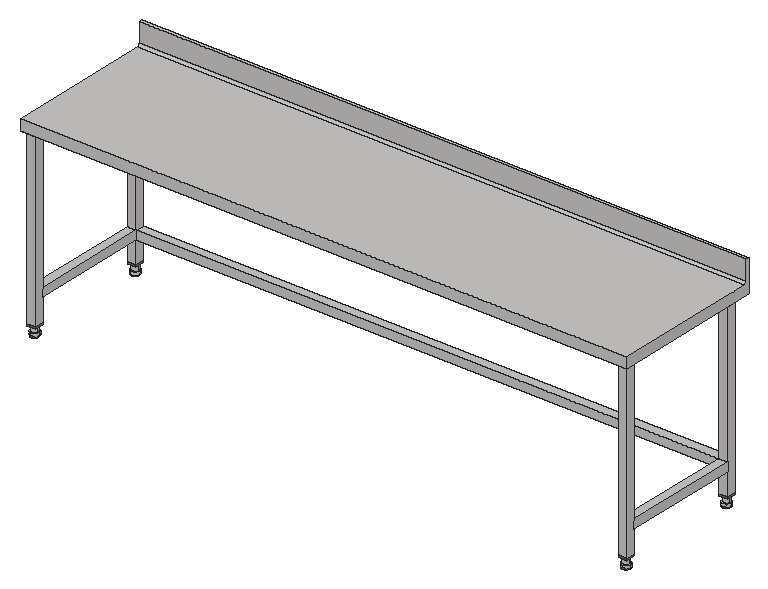
Revit family "QF_ZANUSSI_133240_TG2800UN", category Attrezzature speciali, Revit 2020
Family settings
  Quota connettore circolare = Usa diametro
  Tipo di parte = Normale
  Basato su piano di lavoro = No
  Sempre verticale = Sì
  Taglio con vuoti quando caricato = No
  Condiviso = No
  Punto di calcolo locali = No
Parameters (values of type "Standard")
  Weight = 98.00 kg
  Watts = 0 W
  Volts = 0 V
  URL Manufacturer = "http://www.zanussiprofessional.com"
  URL = "http://www.zanussiprofessional.com"
  Steam Supply Size = 0 mm
  Steam Supply Minimum Pressure = 0.0 Pa
  Steam Supply Maximum Pressure = 0.0 Pa
  Steam Consumption per Hour = 0
  Refrigeration Suction Line Size = 0.0 mm
  Refrigeration Liquid Line Size = 0.0 mm
  Refrigerant Compressor Remote = yes
  Prospetto di default = 0.0 mm
  Produttore = "Zanussi"
  Phase = 0
  Modello = "TG2800UN"
  Length Actual = 2800.0 mm  # constant formula
  Item Number = "133240"
  Hot Water Size = 0 mm
  Height Actual = 1000.0 mm  # constant formula
  HP = "0 HP"
  Gas Size = 0 mm
  Gas KW = 0
  Gas Input Pressure = 0 W
  Direct Waste Size = 0 mm
  Descrizione = "WORK TABLE WITH UPSTAND 2800 MM+UNDERFRAME"
  Depth Actual = 700.0 mm  # constant formula
  Cycle = 0 Hz
  Condensate Return Size = 0 mm
  Compressed Air Volume = 0.0 L/s
  Compressed Air Size = 0 mm
  Compressed Air Pressure = 0.0 Pa
  Cold Water Size = 0 mm
  Accessory = yes
Reference planes
  plane 1 "Center (Front/Back)": y = 0
  plane 2: z = 0
  plane 3 "Center (Left/Right)": x = -900
  plane 4 "LEFT": x = -2300
  plane 5 "RIGHT": x = 500
  plane 6 "BACK": y = 350
  plane 7 "FRONT": y = -350
  plane 8 "Base": z = 850
  plane 9 "TOP": z = 900
  plane 10: x = -2264.5
  plane 11: x = 464.5
  plane 12: y = 269.5
  plane 13: y = -310.5
Forms (mm)
  Extrusion 1, solid, material "QF_Finishes_Stainless Steel"
    sketch origin (-900, 0, 0) x (0, 1, 0) y (0, 0, 1)
      loop
        line (-350, 850) -> (350, 850) -> (350, 1000) -> (337, 1000) -> (337, 910)
        arc (337, 910) -> (334.071, 902.929) -> (327, 900) r 10
        line (327, 900) -> (-350, 900) -> (-350, 850)
    from 1400 to -1400
  Extrusion 2, solid, material "QF_Finishes_Stainless Steel"
    sketch origin (-900, 0, 0) x (0, 1, 0) y (0, 0, 1)
      loop
        line (249.5, 195) -> (249.5, 155) -> (289.5, 155) -> (289.5, 195) -> (249.5, 195)
    from 1344.5 to -1344.5
  Extrusion 3, solid, material "QF_Finishes_Stainless Steel"
    sketch origin (0, 0, 0) x (1, 0, 0) y (0, 0, 1)
      loop
        line (-2244.5, 195) -> (-2284.5, 195) -> (-2284.5, 155) -> (-2244.5, 155) -> (-2244.5, 195)
      loop
        line (484.5, 195) -> (444.5, 195) -> (444.5, 155) -> (484.5, 155) -> (484.5, 195)
    from 290.5 to -249.5
Lines and regions (mm)
  symbolic lines
    curve 1: line (500, 350, 900) -> (-2300, 350, 900)
    curve 2: line (-2300, 350, 900) -> (-2300, -350, 900)
    curve 3: line (-2300, -350, 900) -> (500, -350, 900)
    curve 4: line (500, -350, 900) -> (500, 350, 900)
    curve 5: line (500, 337, 900) -> (-2300, 337, 900)
Dimensions and locks
  plane 4 "LEFT" to plane 5 "RIGHT" = 2800.0 mm
  equal spacing: plane 4 "LEFT", plane 3 "Center (Left/Right)", plane 5 "RIGHT"
  locked: plane 8 "Base" to level at 850
  plane 4 "LEFT" to plane 10 = 35.5 mm
  plane 11 to plane 5 "RIGHT" = 35.5 mm
  plane 10 to plane 11 = 2729.0 mm
  locked: Extrusion 1 to level at 1000
  plane 9 "TOP" to level = 900.0 mm
  plane 6 "BACK" to plane 12 = 80.5 mm
  plane 13 to plane 7 "FRONT" = 39.5 mm
  plane 6 "BACK" to plane 7 "FRONT" = 700.0 mm
  plane 12 to plane 13 = 580.0 mm
  equal spacing: plane 6 "BACK", plane 1 "Center (Front/Back)", plane 7 "FRONT"
  aligned and locked: level to plane 2
  aligned and locked: plane 11 to nested 2
  aligned and locked: nested 2 to plane 12
  aligned and locked: plane 10 to nested 1
  aligned and locked: nested 1 to plane 12
  aligned and locked: Extrusion 1 to plane 4 "LEFT"
  aligned and locked: plane 5 "RIGHT" to Extrusion 1
  aligned and locked: curve 2 to plane 4 "LEFT"
  aligned and locked: Extrusion 3 to nested 1
  aligned and locked: nested 4 to nested 3
  aligned and locked: plane 10 to nested 4
Automatic sketch dimensions
  curve 3 to plane 7 "FRONT" = 0.0 mm
  curve 5 to plane 5 "RIGHT" = 0.0 mm
  curve 4 to plane 6 "BACK" = 0.0 mm
  curve 5 to plane 6 "BACK" = 13.0 mm
  Extrusion 1 sketch curve to plane 7 "FRONT" = 0.0 mm
  Extrusion 1 sketch curve to plane 9 "TOP" = 0.0 mm
  Extrusion 1 sketch curve to plane 6 "BACK" = 0.0 mm
  Extrusion 1 sketch curve to plane 8 "Base" = 0.0 mm
  plane 9 "TOP" to Extrusion 1 sketch curve = 10.0 mm
  Extrusion 1 sketch curve to plane 6 "BACK" = 23.0 mm
  Extrusion 1 sketch curve to Extrusion 1 sketch curve = 90.0 mm
  Extrusion 2 sketch curve to plane 12 = 20.0 mm
  plane 12 to Extrusion 2 sketch curve = 20.0 mm
  level to Extrusion 2 sketch curve = 155.0 mm
  Extrusion 2 sketch curve to Extrusion 2 sketch curve = 40.0 mm
  plane 4 "LEFT" to Extrusion 3 sketch curve = 15.5 mm
  plane 10 to Extrusion 3 sketch curve = 20.0 mm
  Extrusion 3 sketch curve to plane 11 = 20.0 mm
  Extrusion 3 sketch curve to plane 5 "RIGHT" = 15.5 mm
  level to Extrusion 3 sketch curve = 155.0 mm  (x2)
  Extrusion 3 sketch curve to Extrusion 3 sketch curve = 40.0 mm  (x2)
Nested families
  nested 1: "FEET_40x40_APP42" at (-2264.5, 269.5, 0), type "FEET_40x40_APP42"
  nested 2: "FEET_40x40_APP42" at (464.5, 269.5, 0), type "FEET_40x40_APP42"
  nested 3: "FEET_40x40_APP42" at (464.5, -310.5, 0), type "FEET_40x40_APP42"
  nested 4: "FEET_40x40_APP42" at (-2264.5, -310.5, 0), type "FEET_40x40_APP42"
Definition of nested family "FEET_40x40_APP42"
  Parameters
    Default Elevation = 0.0 mm
    FEET = 850.0 mm
  Reference planes
    plane 1 "Center (Front/Back)": y = 0
    plane 2: z = 0
    plane 3 "Center (Left/Right)": x = 0
    plane 4: z = 850
  Forms (mm)
    Extrusion 1, solid
      sketch origin (0, 0, 0) x (1, 0, 0) y (0, 1, 0)
        loop
          line (-20, -20) -> (20, -20) -> (20, 20) -> (-20, 20) -> (-20, -20)
      from 50 to 845
    Extrusion 2, solid
      sketch origin (0, 0, 0) x (1, 0, 0) y (0, 1, 0)
        loop
          circle (0, 0) r 20
      from 0 to 5
    Extrusion 3, solid
      sketch origin (0, 0, 0) x (1, 0, 0) y (0, 1, 0)
        loop
          line (30, 30) -> (-30, 30) -> (-30, -30) -> (30, -30) -> (30, 30)
      from 845 to 850
    Extrusion 4, solid
      sketch origin (0, 0, 0) x (1, 0, 0) y (0, 1, 0)
        loop
          line (-20, -20) -> (20, -20) -> (20, 20) -> (-20, 20) -> (-20, -20)
      from 50 to 42
    Revolve 5, solid
      sketch origin (0, 0, 0) x (1, 0, 0) y (0, 0, 1)
        loop
          line (0, 42) -> (-15, 42) -> (-15, 20) -> (-20, 15) -> (-20, 5) -> (0, 5) -> (0, 42)
        axis (0, 42) -> (0, 5)
      angle from 0 to 360
  Lines and regions (mm)
    symbolic lines
      curve 1: line (0, -1.503, 0) -> (0, 1.508, 0)
      curve 2: line (1.561, 0, 0) -> (-1.439, 0, 0)
  Dimensions and locks
    "FEET": plane 4 to plane 2
    aligned and locked: level to plane 2
  Automatic sketch dimensions
    plane 1 "Center (Front/Back)" to curve 2 = 0.0 mm
    curve 1 to plane 3 "Center (Left/Right)" = 0.0 mm
    curve 2 to plane 3 "Center (Left/Right)" = 1.439 mm
    plane 3 "Center (Left/Right)" to curve 2 = 1.561 mm
    plane 1 "Center (Front/Back)" to curve 1 = 1.503 mm
    curve 1 to plane 1 "Center (Front/Back)" = 1.508 mm
    Extrusion 1 sketch curve to plane 3 "Center (Left/Right)" = 20.0 mm
    plane 3 "Center (Left/Right)" to Extrusion 1 sketch curve = 20.0 mm
    plane 1 "Center (Front/Back)" to Extrusion 1 sketch curve = 20.0 mm
    Extrusion 1 sketch curve to plane 1 "Center (Front/Back)" = 20.0 mm
    plane 1 "Center (Front/Back)" to Extrusion 2 sketch curve = 0.0 mm
    Extrusion 2 sketch curve to plane 3 "Center (Left/Right)" = 0.0 mm
    Extrusion 3 sketch curve to plane 3 "Center (Left/Right)" = 30.0 mm
    plane 3 "Center (Left/Right)" to Extrusion 3 sketch curve = 30.0 mm
    plane 1 "Center (Front/Back)" to Extrusion 3 sketch curve = 30.0 mm
    Extrusion 3 sketch curve to plane 1 "Center (Front/Back)" = 30.0 mm
    Extrusion 4 sketch curve to plane 3 "Center (Left/Right)" = 20.0 mm
    plane 3 "Center (Left/Right)" to Extrusion 4 sketch curve = 20.0 mm
    plane 1 "Center (Front/Back)" to Extrusion 4 sketch curve = 20.0 mm
    Extrusion 4 sketch curve to plane 1 "Center (Front/Back)" = 20.0 mm
    Revolve 5 sketch curve to plane 3 "Center (Left/Right)" = 0.0 mm  (x2)
    Revolve 5 sketch curve to plane 3 "Center (Left/Right)" = 15.0 mm
    Revolve 5 sketch curve to Revolve 5 sketch curve = 5.0 mm  (x3)
    level to Revolve 5 sketch curve = 5.0 mm
    Revolve 5 sketch curve to Revolve 5 sketch curve = 10.0 mm
    Revolve 5 sketch curve to Revolve 5 sketch curve = 22.0 mm
    Revolve 5 sketch curve to level = 9.561 mm
    radius of Extrusion 2 sketch curve = 20.0 mm
